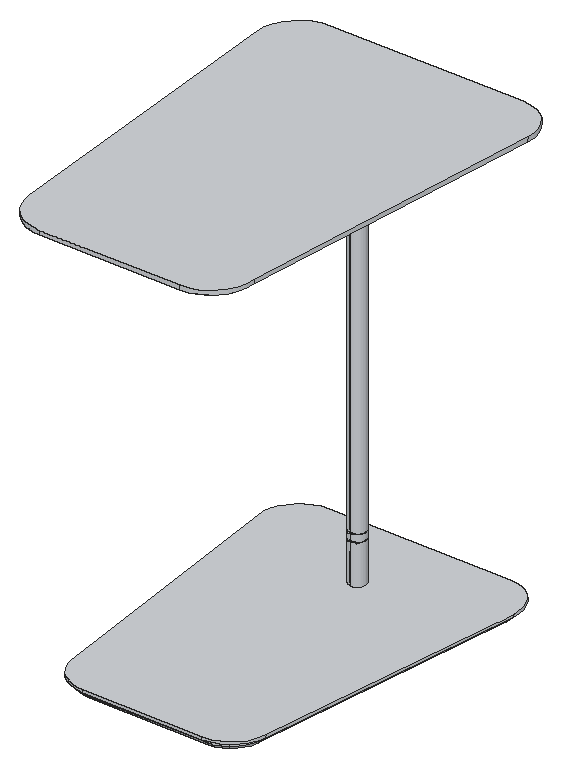
Revit family "Quiet-TaperedTop_TaperedBase", category Furniture, Revit 2016
Family settings
  OmniClass Number = 23.40.20.00
  OmniClass Title = General Furniture and Specialties
  Work Plane-Based = No
  Always vertical = Yes
  Cut with Voids When Loaded = No
  Shared = No
  Room Calculation Point = No
Parameters (values of type "Quiet - QUS-241 tapered top/ tapered base mid")
  URL = "http://www.bernhardtdesign.com"
  Table Top Finish [instance] = none
  TableTop = 1' - 11 31/64"
  SKU = "QUS-241"
  Model = "Quiet"  # constant formula
  Manufacturer = "Bernhardt Design"  # constant formula
  Copyright © = "Copyright © Bernhardt Design"  # constant formula
  Catalog = SKU  # "QUS-241"
  BaseTop = TableTop - 0' 1 3/16"  # 1' - 10 19/64"
  Metal Finish [instance] = none
  Authoring Version = "Autodesk Revit 2016"  # constant formula
Types (3): name | TableTop | SKU | Catalog | BaseTop
  (no name) | 1' - 11 31/64" | "QUS-241" | "QUS-241" | 1' - 10 19/64"
  Quiet - QUS-241 tapered top/ tapered base mid | 1' - 11 31/64" | "QUS-241" | "QUS-241" | 1' - 10 19/64"
  Quiet - QUS-242 tapered top/ tapered base 26in | 2' - 2 1/16" | "QUS-242" | "QUS-242" | 2' - 0 7/8"
Reference planes (in)
  plane 1 "Center Front/Back": y = 0
  plane 2: z = 0
  plane 3 "Center Left/Right": x = 0
  plane 4 "Tabletop_top_ref": z = 23.48437
  plane 5 "Tabletop_slopetop_ref": z = 23.27137
  plane 6 "Tabletop_slopeBottom_ref": z = 22.48591
  plane 7 "Tabletop_connectBottom_ref": z = 22.29687
Forms (in)
  Blend 1, solid, material <- "Table Top Finish"
    base sketch origin (0, 0, 22.48591) x (0, -1, 0) y (1, 0, 0)
      loop
        arc (-7.44283, -3.36757) -> (-6.92326, -4.55695) -> (-5.6976, -4.98393) r 1.62111
        line (-5.6976, -4.98393) -> (7.60643, -3.96233)
        arc (7.60643, -3.96233) -> (8.75638, -3.40659) -> (9.22244, -2.21747) r 1.75
        line (9.22244, -2.21747) -> (9.22244, 2.14401)
        arc (9.22244, 2.14401) -> (8.73577, 3.38572) -> (7.53496, 3.96604) r 1.82739
        line (7.53496, 3.96604) -> (-5.6571, 4.97903)
        arc (-5.6571, 4.97903) -> (-6.91121, 4.54214) -> (-7.44283, 3.32517) r 1.65873
        line (-7.44283, 3.32517) -> (-7.44283, -3.36757)
    top sketch origin (0, 0, 22.48591) x (0, -1, 0) y (1, 0, 0)
      loop
        arc (-9.74896, -5.14149) -> (-9.0768, -6.68017) -> (-7.49117, -7.23255) r 2.09722
        line (-7.49117, -7.23255) -> (9.43941, -5.93248)
        arc (9.43941, -5.93248) -> (10.91791, -5.21796) -> (11.51714, -3.68908) r 2.25
        line (11.51714, -3.68908) -> (11.51714, 3.79532)
        arc (11.51714, 3.79532) -> (10.9623, 5.21706) -> (9.59111, 5.88714) r 2.09895
        line (9.59111, 5.88714) -> (-7.4657, 7.29718)
        arc (-7.4657, 7.29718) -> (-9.06835, 6.74673) -> (-9.74896, 5.19489) r 2.10947
        line (-9.74896, 5.19489) -> (-9.74896, -5.14149)
    from 0 to 0.78546
  Extrusion 2, solid, material <- "Table Top Finish"
    sketch origin (0, 0, 23.27137) x (0, -1, 0) y (1, 0, 0)
      loop
        arc (-9.74896, -5.14149) -> (-9.0768, -6.68017) -> (-7.49117, -7.23255) r 2.09722
        line (-7.49117, -7.23255) -> (9.45747, -5.93109)
        arc (9.45747, -5.93109) -> (10.93598, -5.21657) -> (11.53521, -3.6877) r 2.25
        line (11.53521, -3.6877) -> (11.53521, 3.79532)
        arc (11.53521, 3.79532) -> (10.84495, 5.36515) -> (9.22151, 5.91764) r 2.13023
        line (9.22151, 5.91764) -> (-7.48067, 7.29836)
        arc (-7.48067, 7.29836) -> (-9.07386, 6.74164) -> (-9.74896, 5.19489) r 2.10947
        line (-9.74896, 5.19489) -> (-9.74896, -5.14149)
    from 0 to 0.21454
  Extrusion 3, solid, material <- "Metal Finish"
    sketch origin (0, 0, 22.29687) x (0, -1, 0) y (1, 0, 0)
      loop
        arc (0.6523, -2.05314) -> (0.97879, -1.89346) -> (1.11089, -1.55486) r 0.5
        line (1.11089, -1.55486) -> (1.11089, 1.53135)
        arc (1.11089, 1.53135) -> (0.97879, 1.86994) -> (0.65229, 2.02963) r 0.5
        line (0.65229, 2.02963) -> (-6.01252, 2.58343)
        arc (-6.01252, 2.58343) -> (-6.3672, 2.43652) -> (-6.51411, 2.08184) r 0.50159
        line (-6.51411, 2.08184) -> (-6.51411, -2.10536)
        arc (-6.51411, -2.10536) -> (-6.35271, -2.47326) -> (-5.97271, -2.60364) r 0.5
        line (-5.97271, -2.60364) -> (0.6523, -2.05314)
    from 0 to 0.19685
  Revolve 4, solid, material <- "Metal Finish"
    sketch origin (0, 0, 0) x (0, 1, 0) y (0, 0, 1)
      loop
        line (5.57224, 0.55561) -> (5.57224, 2.65035) -> (5.54099, 2.6816) -> (5.57224, 2.71285) -> (5.57224, 3.04405) -> (5.54099, 3.0753) -> (5.57224, 3.10655) -> (5.57224, 22.29688) -> (5.45613, 22.29688) -> (5.45613, 3.10663) -> (5.48744, 3.07533) -> (5.45613, 3.04403) -> (5.45613, 2.71281) -> (5.48735, 2.6816) -> (5.45613, 2.65038) -> (5.45613, 0.55561) -> (5.57224, 0.55561)
      axis (5.13917, 22.29688) -> (5.13917, 0.55561)
    angle from 0 to 360
  Extrusion 5, solid, material <- "Metal Finish"
    sketch origin (0, 0, 0) x (1, 0, 0) y (0, 1, 0)
      loop
        arc (-4.85622, 9.28288) -> (-6.34822, 8.61477) -> (-6.8434, 7.05682) r 2
        line (-6.8434, 7.05682) -> (-5.18642, -7.50893)
        arc (-5.18642, -7.50893) -> (-4.53113, -8.77487) -> (-3.19924, -9.28287) r 2
        line (-3.19924, -9.28287) -> (3.19923, -9.28287)
        arc (3.19923, -9.28287) -> (4.53112, -8.77487) -> (5.18641, -7.50893) r 2
        line (5.18641, -7.50893) -> (6.8434, 7.05682)
        arc (6.8434, 7.05682) -> (6.34821, 8.61477) -> (4.85621, 9.28288) r 2
        line (4.85621, 9.28288) -> (-4.85622, 9.28288)
    from 0.4375 to 0.55561
  Blend 6, solid, material <- "Metal Finish"
    base sketch origin (0, 0, 0) x (1, 0, 0) y (0, 1, 0)
      loop
        arc (-4.85623, 9.03125) -> (-6.16052, 8.4472) -> (-6.5934, 7.08525) r 1.74838
        line (-6.5934, 7.08525) -> (-4.93642, -7.4805)
        arc (-4.93642, -7.4805) -> (-4.36357, -8.58716) -> (-3.19924, -9.03125) r 1.74838
        line (-3.19924, -9.03125) -> (3.19922, -9.03125)
        arc (3.19922, -9.03125) -> (4.36355, -8.58716) -> (4.9364, -7.4805) r 1.74838
        line (4.9364, -7.4805) -> (6.59338, 7.08525)
        arc (6.59338, 7.08525) -> (6.16049, 8.4472) -> (4.8562, 9.03125) r 1.74838
        line (4.8562, 9.03125) -> (-4.85623, 9.03125)
    top sketch origin (0, 0, 0) x (1, 0, 0) y (0, 1, 0)
      loop
        arc (-4.85623, 8.8344) -> (-6.01367, 8.3161) -> (-6.39781, 7.1075) r 1.55152
        line (-6.39781, 7.1075) -> (-4.74083, -7.45825)
        arc (-4.74083, -7.45825) -> (-4.23248, -8.44031) -> (-3.19924, -8.8344) r 1.55153
        line (-3.19924, -8.8344) -> (3.19922, -8.8344)
        arc (3.19922, -8.8344) -> (4.23246, -8.44031) -> (4.74081, -7.45825) r 1.55153
        line (4.74081, -7.45825) -> (6.39779, 7.1075)
        arc (6.39779, 7.1075) -> (6.01364, 8.3161) -> (4.8562, 8.8344) r 1.55153
        line (4.8562, 8.8344) -> (-4.85623, 8.8344)
    from 0.19685 to 0
  Extrusion 7, solid, material <- "Metal Finish"
    sketch origin (0, 0, 0) x (1, 0, 0) y (0, 1, 0)
      loop
        arc (-4.85623, 9.03125) -> (-6.16052, 8.4472) -> (-6.5934, 7.08525) r 1.74838
        line (-6.5934, 7.08525) -> (-4.93642, -7.4805)
        arc (-4.93642, -7.4805) -> (-4.36357, -8.58716) -> (-3.19924, -9.03125) r 1.74838
        line (-3.19924, -9.03125) -> (3.19922, -9.03125)
        arc (3.19922, -9.03125) -> (4.36355, -8.58716) -> (4.9364, -7.4805) r 1.74838
        line (4.9364, -7.4805) -> (6.59338, 7.08525)
        arc (6.59338, 7.08525) -> (6.16049, 8.4472) -> (4.8562, 9.03125) r 1.74838
        line (4.8562, 9.03125) -> (-4.85623, 9.03125)
    from 0.19685 to 0.4375
Dimensions and locks (in)
  "TableTop": plane 4 "Tabletop_top_ref" to level
  "BaseTop": plane 7 "Tabletop_connectBottom_ref" to level
  plane 4 "Tabletop_top_ref" to plane 7 "Tabletop_connectBottom_ref" = 0' - 1 3/16"
  locked: plane 4 "Tabletop_top_ref" to plane 5 "Tabletop_slopetop_ref" at 0.21301
  locked: plane 5 "Tabletop_slopetop_ref" to plane 6 "Tabletop_slopeBottom_ref" at 0.78546
  "BaseTop": Revolve 4 sketch curve to level
  aligned and locked: level to plane 2
Automatic sketch dimensions
  Blend 1 sketch curve to plane 1 "Center Front/Back" = 0' - 7.44283"
  Blend 1 sketch curve to Blend 1 sketch curve = 0' - 1 159/256"
  Blend 1 sketch curve to Blend 1 sketch curve = 0' - 1.65873"
  Blend 1 sketch curve to Blend 1 sketch curve = 0' - 0.12412"
  Blend 1 sketch curve to Blend 1 sketch curve = 0' - 0.127"
  plane 1 "Center Front/Back" to Blend 1 sketch curve = 0' - 7.39505"
  Blend 1 sketch curve to Blend 1 sketch curve = 0' - 0.07739"
  plane 3 "Center Left/Right" to Blend 1 sketch curve = 0' - 3.96604"
  Blend 1 sketch curve to Blend 1 sketch curve = 0' - 0.13991"
  Blend 1 sketch curve to plane 3 "Center Left/Right" = 0' - 3.96233"
  Blend 1 sketch curve to Blend 1 sketch curve = 0' - 0.13399"
  Blend 1 sketch curve to Blend 1 sketch curve = 0' - 1 3/4"
  Blend 1 sketch curve to plane 3 "Center Left/Right" = 0' - 4.98393"
  plane 3 "Center Left/Right" to Blend 1 sketch curve = 0' - 3.32517"
  Blend 1 sketch curve to plane 1 "Center Front/Back" = 0' - 9.74896"
  Blend 1 sketch curve to Blend 1 sketch curve = 0' - 2.09722"
  Blend 1 sketch curve to Blend 1 sketch curve = 0' - 2.10947"
  Blend 1 sketch curve to Blend 1 sketch curve = 0' - 0.16057"
  Blend 1 sketch curve to Blend 1 sketch curve = 0' - 0.17379"
  Blend 1 sketch curve to plane 3 "Center Left/Right" = 0' - 3.68908"
  plane 1 "Center Front/Back" to Blend 1 sketch curve = 0' - 9.26714"
  Blend 1 sketch curve to Blend 1 sketch curve = 0' - 0.15105"
  Blend 1 sketch curve to Blend 1 sketch curve = 0' - 0.17227"
  plane 3 "Center Left/Right" to Blend 1 sketch curve = 0' - 5.88714"
  Blend 1 sketch curve to Blend 1 sketch curve = 0' - 0.17292"
  Blend 1 sketch curve to Blend 1 sketch curve = 0' - 2 1/4"
  Blend 1 sketch curve to plane 3 "Center Left/Right" = 0' - 7.23255"
  plane 3 "Center Left/Right" to Blend 1 sketch curve = 0' - 5.19489"
  Extrusion 2 sketch curve to plane 1 "Center Front/Back" = 0' - 9.74896"
  Extrusion 2 sketch curve to Extrusion 2 sketch curve = 0' - 2.09722"
  Extrusion 2 sketch curve to Extrusion 2 sketch curve = 0' - 2.10947"
  Extrusion 2 sketch curve to Extrusion 2 sketch curve = 0' - 0.16057"
  Extrusion 2 sketch curve to Extrusion 2 sketch curve = 0' - 0.15883"
  plane 1 "Center Front/Back" to Extrusion 2 sketch curve = 0' - 9.22151"
  Extrusion 2 sketch curve to plane 3 "Center Left/Right" = 0' - 3.6877"
  plane 1 "Center Front/Back" to Extrusion 2 sketch curve = 0' - 9.28521"
  Extrusion 2 sketch curve to Extrusion 2 sketch curve = 0' - 0.18346"
  Extrusion 2 sketch curve to Extrusion 2 sketch curve = 0' - 0.17227"
  Extrusion 2 sketch curve to Extrusion 2 sketch curve = 0' - 2 1/4"
  Extrusion 2 sketch curve to plane 3 "Center Left/Right" = 0' - 7.23255"
  plane 3 "Center Left/Right" to Extrusion 2 sketch curve = 0' - 3.79532"
  plane 3 "Center Left/Right" to Extrusion 2 sketch curve = 0' - 5.19489"
  Extrusion 3 sketch curve to plane 3 "Center Left/Right" = 0' - 2.10536"
  Extrusion 3 sketch curve to plane 1 "Center Front/Back" = 0' - 6.51411"
  Extrusion 3 sketch curve to Extrusion 3 sketch curve = 0' - 0 1/2"  (x2)
  plane 3 "Center Left/Right" to Extrusion 3 sketch curve = 0' - 2.58343"
  Extrusion 3 sketch curve to Extrusion 3 sketch curve = 0' - 0.50159"
  Extrusion 3 sketch curve to plane 3 "Center Left/Right" = 0' - 2.60364"
  plane 1 "Center Front/Back" to Extrusion 3 sketch curve = 0' - 0.61089"  (x2)
  Extrusion 3 sketch curve to Extrusion 3 sketch curve = 0' - 0.0414"  (x2)
  Extrusion 3 sketch curve to plane 3 "Center Left/Right" = 0' - 2.05314"
  plane 3 "Center Left/Right" to Extrusion 3 sketch curve = 0' - 1.53135"
  Extrusion 5 sketch curve to plane 3 "Center Left/Right" = 0' - 6.8434"
  Extrusion 5 sketch curve to Extrusion 5 sketch curve = 0' - 1.98718"  (x4)
  Extrusion 5 sketch curve to plane 3 "Center Left/Right" = 0' - 3.19924"
  plane 3 "Center Left/Right" to Extrusion 5 sketch curve = 0' - 3 51/256"
  plane 3 "Center Left/Right" to Extrusion 5 sketch curve = 0' - 4.85621"
  plane 1 "Center Front/Back" to Extrusion 5 sketch curve = 0' - 9.28287"
  Extrusion 5 sketch curve to Extrusion 5 sketch curve = 0' - 1.77394"
  Extrusion 5 sketch curve to Extrusion 5 sketch curve = 0' - 2"
  Extrusion 5 sketch curve to plane 1 "Center Front/Back" = 0' - 7.05682"  (x2)
  Extrusion 5 sketch curve to Extrusion 5 sketch curve = 0' - 0.22606"
  Blend 6 sketch curve to plane 3 "Center Left/Right" = 0' - 6.5934"
  Blend 6 sketch curve to Blend 6 sketch curve = 0' - 1.73717"  (x3)
  Blend 6 sketch curve to plane 3 "Center Left/Right" = 0' - 3.19924"  (x2)
  plane 3 "Center Left/Right" to Blend 6 sketch curve = 0' - 3 51/256"  (x2)
  plane 3 "Center Left/Right" to Blend 6 sketch curve = 0' - 4.8562"  (x2)
  Blend 6 sketch curve to Blend 6 sketch curve = 0' - 1.73718"
  plane 1 "Center Front/Back" to Blend 6 sketch curve = 0' - 9 1/32"
  Blend 6 sketch curve to Blend 6 sketch curve = 0' - 1.55076"
  Blend 6 sketch curve to Blend 6 sketch curve = 0' - 1.74838"
  Blend 6 sketch curve to plane 1 "Center Front/Back" = 0' - 7.08525"  (x2)
  Blend 6 sketch curve to Blend 6 sketch curve = 0' - 0.19762"
  Blend 6 sketch curve to Blend 6 sketch curve = 0' - 0"  (x2)
  Blend 6 sketch curve to plane 3 "Center Left/Right" = 0' - 6.39781"
  Blend 6 sketch curve to Blend 6 sketch curve = 0' - 1.54158"  (x4)
  plane 1 "Center Front/Back" to Blend 6 sketch curve = 0' - 8.8344"
  Blend 6 sketch curve to Blend 6 sketch curve = 0' - 1.37616"
  Blend 6 sketch curve to Blend 6 sketch curve = 0' - 1.55153"
  Blend 6 sketch curve to plane 1 "Center Front/Back" = 0' - 7.1075"  (x2)
  Blend 6 sketch curve to Blend 6 sketch curve = 0' - 0.17537"
  Extrusion 7 sketch curve to plane 3 "Center Left/Right" = 0' - 6.5934"
  Extrusion 7 sketch curve to plane 3 "Center Left/Right" = 0' - 4.93642"
  Extrusion 7 sketch curve to Extrusion 7 sketch curve = 0' - 1.73717"  (x3)
  plane 3 "Center Left/Right" to Extrusion 7 sketch curve = 0' - 3 51/256"
  plane 3 "Center Left/Right" to Extrusion 7 sketch curve = 0' - 4.8562"
  plane 1 "Center Front/Back" to Extrusion 7 sketch curve = 0' - 7.4805"
  Extrusion 7 sketch curve to Extrusion 7 sketch curve = 0' - 1.73718"
  Extrusion 7 sketch curve to Extrusion 7 sketch curve = 0' - 1.55076"  (x2)
  Extrusion 7 sketch curve to Extrusion 7 sketch curve = 1' - 2.56575"
  Extrusion 7 sketch curve to Extrusion 7 sketch curve = 0' - 0"
  Extrusion 7 sketch curve to Extrusion 7 sketch curve = 0' - 0.19762"
  level to Revolve 4 sketch curve = 0' - 2.65038"
  Revolve 4 sketch curve to plane 1 "Center Front/Back" = 0' - 5.45613"
  level to Revolve 4 sketch curve = 0' - 2.71281"
  Revolve 4 sketch curve to Revolve 4 sketch curve = 0' - 0"  (x2)
  level to Revolve 4 sketch curve = 0' - 3.07533"
  Revolve 4 sketch curve to Revolve 4 sketch curve = 0' - 0.0313"  (x2)
  Revolve 4 sketch curve to Revolve 4 sketch curve = 0' - 0.05356"
  Revolve 4 sketch curve to Revolve 4 sketch curve = 0' - 0.05364"
  Revolve 4 sketch curve to Revolve 4 sketch curve = 0' - 0 1/32"  (x4)
  Revolve 4 sketch curve to Revolve 4 sketch curve = 0' - 0.11611"
  Revolve 4 sketch curve to Revolve 4 sketch curve = 0' - 0.00003"
  level to Revolve 4 sketch curve = 0' - 0.55561"
  Revolve 4 sketch curve to Revolve 4 sketch curve = 0' - 0.03122"
  Revolve 4 sketch curve to Revolve 4 sketch curve = 0' - 0.03128"
  Revolve 4 sketch curve to plane 1 "Center Front/Back" = 0' - 5.13917"
  Revolve 4 sketch curve to level = 0' - 4.63336"
  plane 4 "Tabletop_top_ref" to Revolve 4 sketch curve = 0' - 3.38226"
